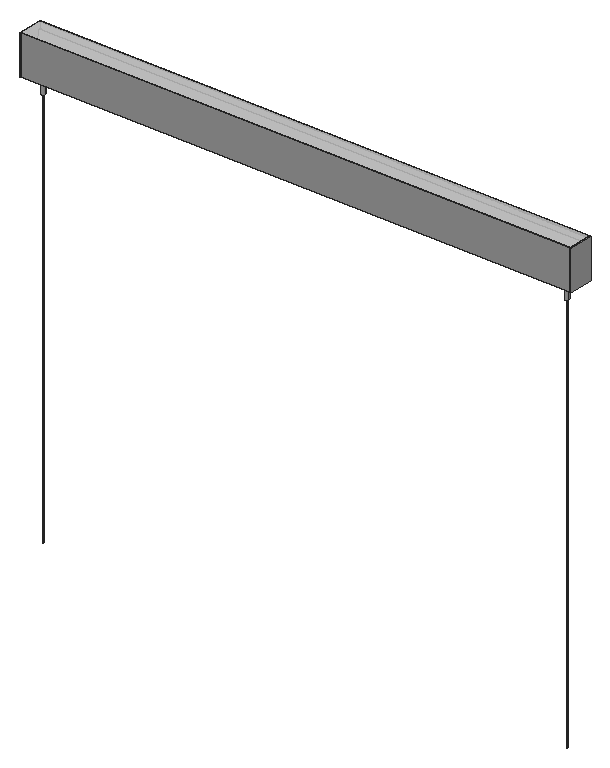
Revit family "2093147 Sylvania Lighting Fixture MC2-KIT 1-2M 3K DALI WHT OPAL", category Lighting Fixtures, host Face, Revit 2016
Family settings
  Host = Face
  Part Type = Normal
  Round Connector Dimension = Use Diameter
  OmniClass Number = 23.80.70.11.17
  OmniClass Title = Specialized Lighting by Location or Use
  Cut with Voids When Loaded = No
  Light Source = Yes
  Shared = No
  Room Calculation Point = No
Parameters (values of type "2093147 MC2-KIT 1.2M 3K DALI WHT OPAL")
  Width_SYL = 54.0 mm
  Weight = "3.4 kg"
  Wattage = 20.97 W
  WarrantyStartDate [instance] = "n/a"
  WarrantyGuarantorParts = "n/a"
  WarrantyDurationUnit = "n/a"
  WarrantyDurationParts = "n/a"
  WarrantyDescription = "n/a"
  built-in parameter 1150110 = 1 (stored number, unit not read)
  Voltage = 0 V
  URL = "http://www.sylvania-lighting.com"
  TypeName = "MC2-KIT 1.2M 3K DALI WHT OPAL"
  built-in parameter 1114217 = 1 (stored number, unit not read)
  Tilt Angle = -90.00°
  built-in parameter 1150109 = 1 (stored number, unit not read)
  built-in parameter 1150134 = (empty or 0)
  built-in parameter 1150113 = 1 (stored number, unit not read)
  SerialNumber [instance] = "n/a"
  PowerFactor = 0.98
  PowerConsumption = "20.97 W"
  NominalWidth = 0.0 mm
  NominalLength = 1200.0 mm
  NominalHeight = 86.0 mm
  Name = "MC2-KIT 1.2M 3K DALI WHT OPAL"
  ModelReference = "MC2-KIT 1.2M 3K DALI WHT OPAL"
  ModelNumber = "2093147"
  Material_3_SYL = Metal_Sylvania_Mini Contiuum II_Silver
  Photometric Web File = "2093147.ies"
  Material_4_SYL = Metal_Sylvania_Mini Contiuum II_Silver
  MountingHeight_SYL [instance] = 1000.0 mm
  Material = "aluminium housing, polycarbonate diffuser"
  ManufacturerName = "Feilo Sylvania"
  LuminousEfficacy = "105 lm/W"
  LuminaireType = ""
  LightOutputRatio = "100"
  Length_SYL = 1200.0 mm
  LampsType = Lamp  # "LED"
  LampNominalLuminous = "2207 lm"
  LampMacAdamStep = "3"
  LampColourTemperature = "3000 K"
  LampColourRenderingIndex = "80"
  Keynote = "16500"
  InstallationDate [instance] = "n/a"
  InputVoltage = "n/a"
  InputNominalFrequency = "n/a"
  IngressProtection = "IP20"
  ImpactProtectionIndex = "n/a"
  IfcExportType = "IfcLightFixtureType"
  IfcExportAs = "IfcLightFixtureType"
  Height_SYL = 86.0 mm
  ExpectedLife = 50000
  Emit from Rectangle Width = Width_SYL - 2.0 mm  # 52.0 mm
  Emit from Rectangle Length = Length_SYL  # 1200.0 mm
  Emit Shape Visible in Rendering = no
  ElectricShockClassification = "Class I"
  DurationUnit = "hours"
  DocumentationLiterature = "http://www.sylvania-lighting.com/product/en-int/products/2093147"
  DimmingControlOptions = "n/a"
  CreatedOn = "10/15/2018"
  CreatedBy = "@sylvania-lighting.com"
  built-in parameter 1114216 [instance] = 1 (stored number, unit not read)
  Model = "MC2-KIT 1.2M 3K DALI WHT OPAL"
  Manufacturer = "Feilo Sylvania"
  built-in parameter 1150105 = 175.22 (stored number, unit not read)
  Lumens = 2201.85 lm
  built-in parameter 1150115 = 1 (stored number, unit not read)
  built-in parameter 1150137 = (empty or 0)
  built-in parameter 1150139 = (empty or 0)
  built-in parameter 1150112 = 1 (stored number, unit not read)
  built-in parameter 1150114 = 1 (stored number, unit not read)
  Lamp = "LED"
  built-in parameter 1150132 = 2
  built-in parameter 1150102 = (empty or 0)
  built-in parameter 1150107 = 3000 (stored number, unit not read)
  built-in parameter 1150138 = (empty or 0)
  built-in parameter 1150106 = 1.7522 (stored number, unit not read)
  Material_1_SYL = Metal_Sylvania_Mini Continuum II_White
  built-in parameter 1150104 = 9.7548 (stored number, unit not read)
  Dimming Lamp Color Temperature Shift = <None>
  Material_2_SYL = Polycarbonate_Sylvania_Mini Continuum II_Opal_4000K
  Description = "2093147   MC2-KIT 1.2M 3K DALI WHT OPAL  Continuous lines of LED light, white RAL 9016, direct distribution, suspended kit version is pre-wired and supplied complete with end caps and suspension cables, compact and minimalist design based on the Golden Mean, ideal for offices, meeting rooms, corridors, education facilities, museums and libraries, extruded aluminium body, diffuser: opal, colour temperature: 3000K warm white, total system power: 21W, total fixture output: 2207lm, luminaire efficacy: 105lm/W, LOR: 100%, colour rendering: Ra >80, LED Chromacity: 1 step MacAdam ellipse, lifetime: 60,000 hours at 90% of the original output (L90), energy class: A++, A+, A, IR/UV free light source without heat radiation, operating voltage: 220-240V / 50-60Hz, drive current: 800mA, electronic driver, DALI dimmable, electrical protection: CLASS I, IP20, suitable for internal environment only."
  Default Elevation = 0.0 mm
  Color Filter = 16777215
  built-in parameter 1140040 [instance] = 1
  BarCode [instance] = "n/a"
  built-in parameter 1114218 = 1 (stored number, unit not read)
  built-in parameter 1150133 = 10 (stored number, unit not read)
  AssetType = "Fixed"
  AssetIdentifier [instance] = "n/a"
  Assembly Code = "D5020200"
  Apparent Load = 20.97 VA
Reference planes
  plane 1 "Center (Front/Back)": y = 0
  plane 2 "Bottom Fixtures": z = 0
  plane 3 "Center (Left/Right)": x = 0
  plane 4 "Fixture Left": x = -600
  plane 5 "Fixture Right": x = 600
  plane 6 "Fixture Bottom": z = 1000
  plane 7: z = 998
  plane 8: z = 996
  plane 9: z = 986.951
  plane 10: z = 956.951
  plane 11 "Fixture Top": z = 914
  plane 12 "Mounting Right": x = 572
  plane 13 "Mounting Left": x = -572
  plane 14: z = 879
  plane 15: y = 27
  plane 16: y = -27
  plane 17: y = -26
  plane 18: y = -25
  plane 19: y = 26
  plane 20: y = 25
  plane 21: y = 11
  plane 22: y = -11
  plane 23: y = 24
  plane 24: y = 22
  plane 25: y = -22
  plane 26: y = 15
  plane 27: y = -15
  plane 28 "Upper Diffuser Left": x = -450
  plane 29 "Upper Diffuser Right": x = 450
  plane 30: x = -602
  plane 31: x = 602
Forms (mm)
  Extrusion 1, solid, material "Metal_Sylvania_Mini Continuum II_White" <- "Material_1_SYL", detail levels fine
    sketch origin (0, 0, 520) x (0, 1, 0) y (0, 0, 1)
      loop
        line (27, 480) -> (26, 480) -> (26, 478) -> (25, 478) -> (25, 396) -> (13, 396) -> (13, 398) -> (-13, 398) -> (-13, 396) -> (-25, 396) -> (-25, 478) -> (-26, 478) -> (-26, 480) -> (-27, 480) -> (-27, 394) -> (-11, 394) -> (-11, 396) -> (11, 396) -> (11, 394) -> (27, 394) -> (27, 480)
    from -600 to 600
  Extrusion 2, solid, material "Polycarbonate_Sylvania_Mini Continuum II_Opal_4000K" <- "Material_2_SYL", detail levels fine
    sketch origin (0, 0, 520) x (0, 1, 0) y (0, 0, 1)
      loop
        line (-26, 480) -> (-26, 478) -> (26, 478) -> (26, 480) -> (-26, 480)
    from -600 to 600
  Extrusion 3, solid, material "Metal_Sylvania_Mini Contiuum II_Silver" <- "Material_3_SYL", detail levels fine
    sketch origin (0, 0, 520) x (0, 1, 0) y (0, 0, 1)
      loop
        line (22, 466.951) -> (20.973, 466.951) -> (14.206, 437.951) -> (11, 437.951) -> (11, 436.951) -> (15, 436.951) -> (22, 466.951)
      loop
        line (-15, 436.951) -> (-11, 436.951) -> (-11, 437.951) -> (-14.206, 437.951) -> (-20.973, 466.951) -> (-22, 466.951) -> (-15, 436.951)
    from -600 to 600
  Extrusion 4, solid, material "Metal_Sylvania_Mini Continuum II_White" <- "Material_1_SYL", detail levels coarse+medium
    sketch origin (0, 0, 520) x (0, 1, 0) y (0, 0, 1)
      loop
        line (-27, 480) -> (-27, 394) -> (27, 394) -> (27, 480) -> (-27, 480)
    from -600 to 600
  Extrusion 5, solid, material "Metal_Sylvania_Mini Contiuum II_Silver" <- "Material_4_SYL", detail levels fine
    sketch origin (0, 0, -86) x (-1, 0, 0) y (0, -1, 0)
      loop
        circle (572, 0) r 4
      loop
        circle (-572, 0) r 4
    from 965 to 1002
  Extrusion 6, solid, material "Metal_Sylvania_Mini Contiuum II_Silver" <- "Material_4_SYL", detail levels fine
    sketch origin (0, 0, -86) x (-1, 0, 0) y (0, -1, 0)
      loop
        circle (-572, 0) r 1
      loop
        circle (572, 0) r 1
    from 86 to 965
  Extrusion 7, solid, material "Metal_Sylvania_Mini Continuum II_White" <- "Material_1_SYL"
    sketch origin (-600, 171.684, 1219.2) x (0, 1, 0) y (0, 0, 1)
      loop
        line (-198.684, -305.2) -> (-144.684, -305.2) -> (-144.684, -219.2) -> (-198.684, -219.2) -> (-198.684, -305.2)
    from 0 to -2
  Extrusion 8, solid, material "Metal_Sylvania_Mini Continuum II_White" <- "Material_1_SYL"
    sketch origin (600, 171.684, 1219.2) x (0, 1, 0) y (0, 0, -1)
      loop
        line (-144.684, 219.2) -> (-144.684, 305.2) -> (-198.684, 305.2) -> (-198.684, 219.2) -> (-144.684, 219.2)
    from 0 to -2
Lines and regions (mm)
  Masking region 1
    outline origin (0, 0, -86) x (-1, 0, 0) y (0, -1, 0)
      loop
        line (600, -27) -> (600, 27) -> (-600, 27) -> (-600, -27) -> (600, -27)
  symbolic lines, detail levels fine
    curve 1: line (-600, 26, -86) -> (600, 26, -86)
    curve 2: line (-600, -26, -86) -> (600, -26, -86)
  model lines, detail levels coarse+medium
    curve 3: line (-572, 0, 914) -> (-572, 0, 0)
    curve 4: line (572, 0, 914) -> (572, 0, 0)
Dimensions and locks
  host sketch curve to plane 3 "Center (Left/Right)" to host sketch curve = 820.0 mm, 775.047 mm
  equal spacing: plane 4 "Fixture Left", plane 3 "Center (Left/Right)", plane 5 "Fixture Right"
  "Length_SYL": plane 4 "Fixture Left" to plane 5 "Fixture Right"
  plane 6 "Fixture Bottom" to plane 7 to plane 8 to plane 9 to plane 10 = 2.0 mm locked, 2.0 mm locked, 9.049 mm locked, 30.0 mm locked
  locked: Extrusion 1 sketch curve to Extrusion 1 sketch curve at 2
  locked: Extrusion 1 sketch curve to plane 11 "Fixture Top" at 2
  "Height_SYL": plane 6 "Fixture Bottom" to plane 11 "Fixture Top"
  locked: plane 12 "Mounting Right" to plane 5 "Fixture Right" at 28
  locked: plane 4 "Fixture Left" to plane 13 "Mounting Left" at 28
  locked: plane 11 "Fixture Top" to plane 14 at 35
  "MountingHeight_SYL": plane 6 "Fixture Bottom" to plane 2 "Bottom Fixtures"
  equal spacing: plane 15, plane 1 "Center (Front/Back)", plane 16
  "Width_SYL": plane 15 to plane 16
  plane 22 to plane 27 to plane 25 to plane 18 to plane 17 to plane 16 = 4.0 mm locked, 7.0 mm locked, 3.0 mm locked, 1.0 mm locked, 1.0 mm locked
  plane 15 to plane 19 to plane 20 to plane 23 to plane 24 to plane 26 to plane 21 = 1.0 mm locked, 1.0 mm locked, 1.0 mm locked, 2.0 mm locked, 7.0 mm locked, 4.0 mm locked
  locked: plane 4 "Fixture Left" to plane 28 "Upper Diffuser Left" at 150
  locked: plane 29 "Upper Diffuser Right" to plane 5 "Fixture Right" at 150
  equal spacing: plane 30, plane 3 "Center (Left/Right)", plane 31
  locked: plane 30 to plane 4 "Fixture Left" at 2
  aligned and locked: plane 2 "Bottom Fixtures" to host face
  aligned and locked: level to host face
  aligned and locked: plane 5 "Fixture Right" to curve 1
  aligned and locked: plane 4 "Fixture Left" to curve 1
  aligned and locked: plane 4 "Fixture Left" to curve 2
  aligned and locked: plane 5 "Fixture Right" to curve 2
  aligned and locked: Extrusion 1 sketch curve to plane 7
  aligned and locked: plane 6 "Fixture Bottom" to Extrusion 1 sketch curve  (x2)
  aligned and locked: plane 7 to Extrusion 1 sketch curve
  aligned and locked: Extrusion 1 to Extrusion 2 sketch curve
  aligned and locked: Extrusion 2 sketch curve to Extrusion 1  (x3)
  aligned and locked: Extrusion 3 sketch curve to plane 10
  aligned and locked: plane 9 to Extrusion 3 sketch curve
  aligned and locked: Extrusion 3 sketch curve to plane 9
  aligned and locked: Extrusion 4 sketch curve to plane 6 "Fixture Bottom"
  aligned and locked: Extrusion 4 to plane 4 "Fixture Left"
  aligned and locked: Extrusion 2 to plane 4 "Fixture Left"
  aligned and locked: Extrusion 3 to plane 4 "Fixture Left"
  aligned and locked: Extrusion 1 to plane 4 "Fixture Left"
  aligned and locked: Extrusion 4 to plane 5 "Fixture Right"
  aligned and locked: Extrusion 2 to plane 5 "Fixture Right"
  aligned and locked: Extrusion 3 to plane 5 "Fixture Right"
  aligned and locked: Extrusion 1 to plane 5 "Fixture Right"
  aligned and locked: plane 11 "Fixture Top" to Extrusion 4 sketch curve
  aligned and locked: Extrusion 1 sketch curve to plane 11 "Fixture Top"  (x2)
  aligned and locked: Extrusion 1 sketch curve to Extrusion 1 sketch curve
  aligned and locked: plane 6 "Fixture Bottom" to imposter light
  aligned and locked: plane 11 "Fixture Top" to curve 3
  aligned and locked: plane 2 "Bottom Fixtures" to curve 3
  aligned and locked: plane 11 "Fixture Top" to curve 4
  aligned and locked: plane 2 "Bottom Fixtures" to curve 4
  aligned and locked: curve 4 to plane 12 "Mounting Right"
  aligned and locked: curve 3 to plane 13 "Mounting Left"
  aligned and locked: Extrusion 5 to Extrusion 1
  aligned and locked: Extrusion 5 to plane 14
  aligned and locked: plane 14 to Extrusion 6
  aligned and locked: Extrusion 6 to level
  aligned and locked: plane 21 to Extrusion 3 sketch curve
  aligned and locked: Extrusion 3 sketch curve to plane 22
  aligned and locked: Extrusion 7 sketch curve to Extrusion 4  (x4)
  aligned and locked: Extrusion 7 to plane 30
  aligned and locked: plane 4 "Fixture Left" to Extrusion 7
  aligned and locked: Extrusion 8 sketch curve to Extrusion 4  (x4)
  aligned and locked: plane 31 to Extrusion 8
  aligned and locked: plane 5 "Fixture Right" to Extrusion 8
Automatic sketch dimensions
  host sketch curve to host sketch curve = 1047.463 mm
  plane 19 to curve 1 = 0.0 mm
  curve 2 to plane 17 = 0.0 mm
  Masking region 1 sketch curve to plane 5 "Fixture Right" = 0.0 mm
  Masking region 1 sketch curve to plane 4 "Fixture Left" = 0.0 mm
  plane 15 to Masking region 1 sketch curve = 0.0 mm
  Masking region 1 sketch curve to plane 16 = 0.0 mm
  Extrusion 1 sketch curve to plane 16 = 0.0 mm
  Extrusion 1 sketch curve to plane 17 = 0.0 mm
  Extrusion 1 sketch curve to plane 18 = 0.0 mm
  Extrusion 1 sketch curve to plane 22 = 0.0 mm
  Extrusion 1 sketch curve to plane 21 = 0.0 mm
  Extrusion 1 sketch curve to plane 20 = 0.0 mm
  Extrusion 1 sketch curve to plane 19 = 0.0 mm
  Extrusion 1 sketch curve to plane 15 = 0.0 mm
  plane 11 "Fixture Top" to Extrusion 1 sketch curve = 2.0 mm
  Extrusion 1 sketch curve to plane 22 = 2.0 mm
  Extrusion 1 sketch curve to plane 21 = 2.0 mm
  Extrusion 3 sketch curve to plane 25 = 0.0 mm
  Extrusion 3 sketch curve to plane 27 = 0.0 mm
  Extrusion 3 sketch curve to plane 26 = 0.0 mm
  Extrusion 3 sketch curve to plane 24 = 0.0 mm
  plane 10 to Extrusion 3 sketch curve = 1.0 mm
  Extrusion 3 sketch curve to Extrusion 3 sketch curve = 1.027 mm
  plane 27 to Extrusion 3 sketch curve = 0.794 mm
  plane 26 to Extrusion 3 sketch curve = 0.794 mm
  plane 24 to Extrusion 3 sketch curve = 1.027 mm
  Extrusion 4 sketch curve to plane 16 = 0.0 mm
  Extrusion 4 sketch curve to plane 15 = 0.0 mm
  plane 1 "Center (Front/Back)" to Extrusion 5 sketch curve = 0.0 mm  (x2)
  Extrusion 5 sketch curve to plane 12 "Mounting Right" = 0.0 mm
  Extrusion 5 sketch curve to plane 13 "Mounting Left" = 0.0 mm
  plane 1 "Center (Front/Back)" to Extrusion 6 sketch curve = 0.0 mm  (x2)
  Extrusion 6 sketch curve to plane 12 "Mounting Right" = 0.0 mm
  Extrusion 6 sketch curve to plane 13 "Mounting Left" = 0.0 mm
  Extrusion 3 sketch curve to Extrusion 3 sketch curve = 0.0 mm
  Extrusion 3 sketch curve to plane 10 = 0.0 mm
  radius of Extrusion 5 sketch curve = 4.0 mm  (x2)
  radius of Extrusion 6 sketch curve = 1.0 mm  (x2)
Connectors
  electrical at (600, 0, 949), driven by "Apparent Load"
    settings: on Extrusion 1, index 1, voltage 230 V, apparent load 0 VA, apparent load phase1 20.97 VA, apparent load phase2 0 VA, apparent load phase3 0 VA, power factor 1, load classification "Lighting", number of poles 1, system type 31, power factor state 1, is connector primary yes, connector utility no, sub classification motor no, connector description ""
